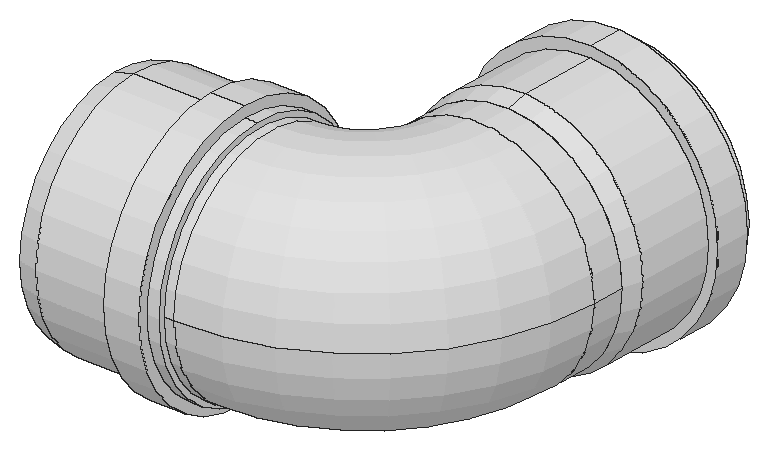
Revit family "Redi_Фитинг_ПВХ_Отвод", category Соединительные детали трубопроводов, Revit 2019
Family settings
  Размер круглого соединителя = Использовать диаметр
  Тип детали = Отвод
  На основе рабочей плоскости = Нет
  Всегда вертикально = Да
  При загрузке вырезать с полостями = Нет
  Общий = Нет
Parameters (values of type "Redi")
  Усиленный [instance] = no
  Угол [instance] = 87.00°
  Типовой = no
  Раструб Подводящий [instance] = yes
  Раструб Видимость 2.2 [instance] = and(Обратить, Раструб Подводящий)  # yes
  Раструб Видимость 2.1 [instance] = not(Обратить)  # no
  Раструб Видимость 1.2 [instance] = and(not(Обратить), Раструб Подводящий)  # no
  Раструб Видимость 1.1 [instance] = Обратить  # yes
  Поиск в таблице имен 4 = "Redi_Фитинг_ПВХ_Отвод"
  Поиск в таблице имен 3 = "Redi_Фитинг_ПВХ_Отвод"
  Поиск в таблице имен 2 = "Redi_Фитинг_ПВХ_Отвод"
  Поиск в таблице имен = "Redi_Фитинг_ПВХ_Отвод"
  Размер засечки [instance] = 22.5 mm
  Радиус изгиба [instance] = ADSK_Диаметр условный / 2 + 2 mm  # 57 mm
  Description = ""
  Обратить [instance] = yes
  Наименование [instance] = size_lookup(Поиск в таблице имен 3, "", "Решение не найдено", ADSK_Диаметр условный, ADSK_Угол)  # "Отвод 87.3°, DN110"
  Материал = 05 Пластик ПВХ Белый
  Assembly Code = ""
  Manufacturer = ""
  z2 [instance] = size_lookup(Поиск в таблице имен, "z2", 0 mm, ADSK_Диаметр условный, ADSK_Угол)  # 69 mm
  z1 [instance] = size_lookup(Поиск в таблице имен, "z1", 0 mm, ADSK_Диаметр условный, ADSK_Угол)  # 59 mm
  l2 [instance] = size_lookup(Поиск в таблице имен, "L2", 0 mm, ADSK_Диаметр условный, ADSK_Угол)  # 50 mm
  l1 [instance] = size_lookup(Поиск в таблице имен, "L1", 0 mm, ADSK_Диаметр условный, ADSK_Угол)  # 58 mm
  X2 [instance] = if(Обратить, if(Раструб Подводящий, if(A + 1 mm > z1, A + 2 mm, z1), z1 + l1), z2)  # 59 mm
  X1 [instance] = if(Обратить, z2, if(Раструб Подводящий, if(A + 1 mm > z1, A + 2 mm, z1), z2 + l2))  # 69 mm
  URL = ""
  ADSK_Угол [instance] = if(Угол < 22.50°, 15.00°, if(Угол < 37.50°, 30.00°, if(Угол < 56.50°, 45.00°, if(Угол < 78.00°, 67.30°, 87.30°))))  # 87.30°
  ADSK_Наименование краткое = "Отвод"
  ADSK_Наименование [instance] = size_lookup(Поиск в таблице имен 3, "", "Решение не найдено", ADSK_Диаметр условный, ADSK_Угол)  # "Отвод 87.3°, DN110"
  ADSK_Масса_Текст [instance] = ""
  ADSK_Масса [instance] = size_lookup(Поиск в таблице имен 2, "Mass", 0, ADSK_Диаметр условный, ADSK_Угол)  # 0
  ADSK_Марка = ""
  ADSK_Код изделия [instance] = size_lookup(Поиск в таблице имен 4, "ADSK_Код изделия", "Решение не найдено", ADSK_Диаметр условный, ADSK_Угол)  # "0711155"
  ADSK_Завод-изготовитель = "Redi"  # constant formula
  ADSK_Единица измерения = "шт."  # constant formula
  ADSK_Диаметр условный [instance] = 110 mm
  A [instance] = Радиус изгиба * tan(Угол / 2)  # 54.091 mm
Reference planes
  plane 1 "По центру (Вперед/Назад)": y = 0
  plane 2: z = 0
  plane 3 "По центру (Влево/Вправо)": x = 0
Forms (mm)
  Sweep 1, solid, material "05 Пластик ПВХ Белый" <- "Материал", detail levels fine
    path in 3D
      loop
        line (-59, 0, 0) -> (-54.091, 0, 0)
        arc (-54.091, 0, 0) -> (-14.855, 15.654, 0) -> (2.831, 54.017, 0) r 57
        line (2.831, 54.017, 0) -> (3.611, 68.905, 0)
    profile origin (-56.545, 0, 0) x (0, 1, 0) y (0, 0, 1)
      loop
        circle (0, 0) r 55
Lines and regions (mm)
  reference lines
    curve 1: line (0, 0, 0) -> (9.42, 179.753, 0)
    curve 12: line (0, 0, 105) -> (-24, 0, 105)
  model lines, detail levels coarse+medium
    curve 2: line (-59, 0, 0) -> (-54.091, 0, 0)
    curve 3: line (2.831, 54.017, 0) -> (3.611, 68.905, 0)
    curve 4: line (-59, 0, 0) -> (-59, 22.5, 0)
    curve 5: line (-59, 0, 0) -> (-59, -22.5, 0)
    curve 6: line (3.611, 68.905, 0) -> (-18.858, 70.083, 0)
    curve 7: line (3.611, 68.905, 0) -> (26.08, 67.728, 0)
    curve 8: arc (-54.091, 0, 0) -> (-14.855, 15.654, 0) -> (2.831, 54.017, 0) r 57
  sketch lines
    curve 9: line (-59, 0, 0) -> (-54.091, 0, 0)
    curve 10: arc (-54.091, 0, 0) -> (-14.855, 15.654, 0) -> (2.831, 54.017, 0) r 57
    curve 11: line (2.831, 54.017, 0) -> (3.611, 68.905, 0)
Dimensions and locks
  "X2": curve 5 to plane 3 "По центру (Влево/Вправо)"
  "X1": curve 1 to curve 7
  "Размер засечки": curve 5 to plane 1 "По центру (Вперед/Назад)"
  "Размер засечки": plane 1 "По центру (Вперед/Назад)" to curve 4
  "Размер засечки": curve 7 to curve 1
  "Размер засечки": curve 1 to curve 6
  "A": curve 8 to plane 3 "По центру (Влево/Вправо)"
  "Радиус изгиба": plane 1 "По центру (Вперед/Назад)" to curve 8
  "Радиус изгиба": radius of curve 8
  "ADSK_Диаметр условный": diameter of Sweep 1 sketch curve
  "Угол": angle plane 1 "По центру (Вперед/Назад)" to curve 1
  "Угол": angle plane 3 "По центру (Влево/Вправо)" to curve 7
  "Угол": angle plane 3 "По центру (Влево/Вправо)" to curve 6
  "Угол": angle curve 8 to curve 8
  "Угол": angle plane 1 "По центру (Вперед/Назад)" to nested 2
  "Угол": angle plane 1 "По центру (Вперед/Назад)" to nested 3
  aligned and locked: level to plane 2
  aligned and locked: plane 3 "По центру (Влево/Вправо)" to curve 1
  aligned and locked: plane 1 "По центру (Вперед/Назад)" to curve 1
  aligned and locked: curve 1 to curve 7
  aligned and locked: curve 12 to curve 1
  aligned and locked: curve 12 to plane 1 "По центру (Вперед/Назад)"
  aligned and locked: nested 1 to Sweep 1
  aligned and locked: curve 1 to nested 2
  aligned and locked: nested 2 to Sweep 1
  aligned and locked: nested 3 to curve 1
  aligned and locked: nested 3 to Sweep 1
  aligned and locked: nested 4 to Sweep 1
Automatic sketch dimensions
  curve 12 to plane 3 "По центру (Влево/Вправо)" = 24 mm
  Sweep 1 sketch curve to profile plane = 0 mm  (x2)
Nested families
  nested 1: "Фитинг_ПП_Раструб(Влож)" at (-59, 0, 0) x (-1, 0, 0) z (0, 0, 1), ADSK_Диаметр условный <- "ADSK_Диаметр условный", visible <- "Раструб Видимость 2.1", type "Фитинг_ПП_Раструб(Влож)", detail levels fine
    with Толщина Стенки 2 1.5 mm, Толщина Стенки 1 2.4 mm, Длина 67 mm, Диаметр Наружный Трубного Кольца 124.4 mm, Диаметр Наружный 114.8 mm, C 22 mm, B 6 mm, ADSK_Диаметр условный 110 mm, A 36 mm
  nested 2: "Фитинг_ПП_Раструб(Влож)" at (3.611, 68.905, 0) x (0.0523, 0.9986, 0) z (0, 0, 1), ADSK_Диаметр условный <- "ADSK_Диаметр условный", visible <- "Раструб Видимость 1.1", type "Фитинг_ПП_Раструб(Влож)", detail levels fine
    with Толщина Стенки 2 1.5 mm, Толщина Стенки 1 2.4 mm, Длина 67 mm, Диаметр Наружный Трубного Кольца 124.4 mm, Диаметр Наружный 114.8 mm, C 22 mm, B 6 mm, ADSK_Диаметр условный 110 mm, A 36 mm
  nested 3: "Фитинг_ПП_Раструб(Влож)" at (7.118, 135.814, 0) x (-0.0523, -0.9986, 0) z (0, 0, 1), ADSK_Диаметр условный <- "ADSK_Диаметр условный", visible <- "Раструб Видимость 1.2", type "Фитинг_ПП_Раструб(Влож)", detail levels fine
    with Толщина Стенки 2 1.5 mm, Толщина Стенки 1 2.4 mm, Длина 67 mm, Диаметр Наружный Трубного Кольца 124.4 mm, Диаметр Наружный 114.8 mm, C 22 mm, B 6 mm, ADSK_Диаметр условный 110 mm, A 36 mm
  nested 4: "Фитинг_ПП_Раструб(Влож)" at (-126, 0, 0), ADSK_Диаметр условный <- "ADSK_Диаметр условный", visible <- "Раструб Видимость 2.2", type "Фитинг_ПП_Раструб(Влож)", detail levels fine
    with Толщина Стенки 2 1.5 mm, Толщина Стенки 1 2.4 mm, Длина 67 mm, Диаметр Наружный Трубного Кольца 124.4 mm, Диаметр Наружный 114.8 mm, C 22 mm, B 6 mm, ADSK_Диаметр условный 110 mm, A 36 mm
Connectors
  piping at (3.611, 68.905, 0), diameter 110, driven by "ADSK_Диаметр условный", driven by "Угол"
    settings: on nested 3, index 3, connector inside diameter 609.6 mm, connector length 0 mm, flow factor 0, pipe flow 0.0 L/s, pressure drop 0.0 Pa, fitting loss kfactor 0, connector angle 87.00°, fixture units 0, engagement length 0 mm, angle of deflection 0.00°, flow configuration 0, flow direction 0, fitting loss method 0, system type 28, joint type 0, gender type 0, connector reference index 4, connector utility 0, adjustable connector no, is connector primary no, connector description ""
  piping at (-59, 0, 0), diameter 110, driven by "ADSK_Диаметр условный", driven by "Угол"
    settings: on Sweep 1, index 4, connector inside diameter 609.6 mm, connector length 0 mm, flow factor 0, pipe flow 0.0 L/s, pressure drop 0.0 Pa, fitting loss kfactor 0, connector angle 87.00°, fixture units 0, engagement length 0 mm, angle of deflection 0.00°, flow configuration 0, flow direction 0, fitting loss method 0, system type 28, joint type 0, gender type 0, connector reference index 3, connector utility 0, adjustable connector no, is connector primary yes, connector description ""
Definition of nested family "Фитинг_ПП_Раструб(Влож)"
  Parameters (values of type "CISP_Фитинг_ПП_Раструб")
    Толщина Стенки 2 [instance] = size_lookup(Поиск в таблице имен, "e3", 1 mm, ADSK_Диаметр условный)  # 1.5 mm
    Толщина Стенки 1 [instance] = size_lookup(Поиск в таблице имен, "e2", 1 mm, ADSK_Диаметр условный)  # 2.4 mm
    Поиск в таблице имен = "CISP_Фитинг_ПП_Раструб"
    Материал = none
    Длина [instance] = A + C + A / 4  # 67 mm
    Диаметр Наружный Трубного Кольца [instance] = ADSK_Диаметр условный + 2 * Толщина Стенки 1 + 4 * Толщина Стенки 1  # 124.4 mm
    Диаметр Наружный [instance] = ADSK_Диаметр условный + 2 * Толщина Стенки 1  # 114.8 mm
    C [instance] = size_lookup(Поиск в таблице имен, "C", 1 mm, ADSK_Диаметр условный)  # 22 mm
    B [instance] = size_lookup(Поиск в таблице имен, "B", 1 mm, ADSK_Диаметр условный)  # 6 mm
    ADSK_Диаметр условный [instance] = 110 mm
    A [instance] = size_lookup(Поиск в таблице имен, "A", 1 mm, ADSK_Диаметр условный)  # 36 mm
  Reference planes
    plane 1 "По центру (Вперед/Назад)": y = 0
    plane 2: z = 0
    plane 3 "По центру (Влево/Вправо)": x = 0
    plane 4: x = 67
    plane 5: z = 57.4
    plane 6: z = -57.4
    plane 7: x = 45
    plane 8: x = 61
    plane 9: x = 9
    plane 10: z = 62.2
    plane 11: z = -62.2
    plane 12: z = 55
    plane 13: z = -55
  Forms (mm)
    Sweep 1, solid, material <- "Материал"
      path origin (0, 0, 0) x (1, 0, 0) y (0, 0, 1)
        loop
          line (9, 0) -> (67, 0)
      profile origin (38, 0, 0) x (0, 0, 1) y (0, -1, 0)
        loop
          circle (0, 0) r 57.4
    SweptBlend 2, solid, material <- "Материал"
      path origin (0, 0, 0) x (1, 0, 0) y (0, 0, 1)
        loop
          line (0, 0) -> (9, 0)
      profile origin (0, 0, 0) x (0, 0, 1) y (0, -1, 0)
        loop
          circle (0, 0) r 55
      end profile origin (9, 0, 0) x (0, 0, 1) y (0, -1, 0)
        loop
          circle (0, 0) r 57.4
    Sweep 3, solid, material <- "Материал"
      path origin (0, 0, 0) x (1, 0, 0) y (0, 0, 1)
        loop
          line (45, 0) -> (61, 0)
      profile origin (53, 0, 0) x (0, 0, 1) y (0, -1, 0)
        loop
          circle (0, 0) r 62.2
  Cuts and joins
    joined: Sweep 1, SweptBlend 2, Sweep 3
  Dimensions and locks
    "Длина": plane 4 to plane 3 "По центру (Влево/Вправо)"
    equal spacing: plane 5, level, plane 6
    "Диаметр Наружный": plane 5 to plane 6
    "C": plane 4 to plane 7
    "A": plane 7 to plane 9
    "B": plane 4 to plane 8
    equal spacing: plane 12, level, plane 13
    "ADSK_Диаметр условный": plane 12 to plane 13
    equal spacing: plane 10, level, plane 11
    "Диаметр Наружный Трубного Кольца": plane 10 to plane 11
    "Диаметр Наружный": diameter of Sweep 1 sketch curve
    "ADSK_Диаметр условный": diameter of SweptBlend 2 sketch curve
    "Диаметр Наружный": diameter of SweptBlend 2 sketch curve
    "Диаметр Наружный Трубного Кольца": diameter of Sweep 3 sketch curve
    aligned and locked: level to plane 2
    aligned and locked: plane 9 to Sweep 1 sketch curve
    aligned and locked: Sweep 1 sketch curve to plane 2
    aligned and locked: plane 4 to Sweep 1 sketch curve
    aligned and locked: plane 3 "По центру (Влево/Вправо)" to SweptBlend 2 sketch curve
    aligned and locked: plane 9 to SweptBlend 2 sketch curve
    aligned and locked: SweptBlend 2 sketch curve to level
    aligned and locked: plane 7 to Sweep 3 sketch curve
    aligned and locked: plane 8 to Sweep 3 sketch curve
    aligned and locked: Sweep 3 sketch curve to plane 2
  Automatic sketch dimensions
    Sweep 1 sketch curve to plane 1 "По центру (Вперед/Назад)" = 0 mm
    profile plane to Sweep 1 sketch curve = 0 mm
    SweptBlend 2 sketch curve to plane 1 "По центру (Вперед/Назад)" = 0 mm  (x2)
    profile plane to SweptBlend 2 sketch curve = 0 mm  (x2)
    Sweep 3 sketch curve to plane 1 "По центру (Вперед/Назад)" = 0 mm
    profile plane to Sweep 3 sketch curve = 0 mm
